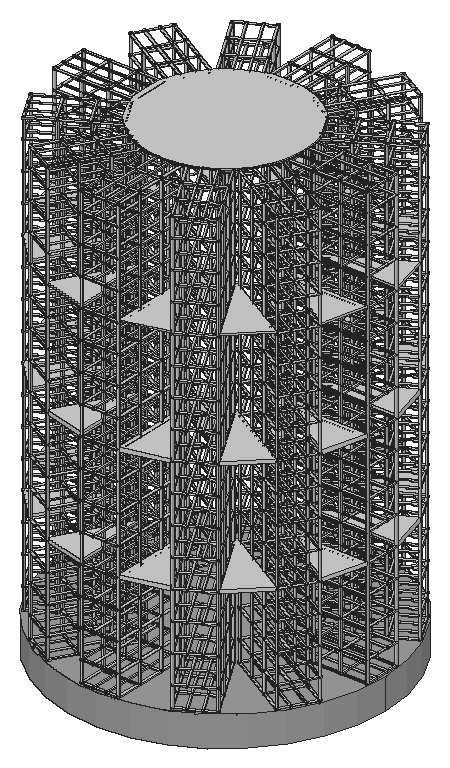
Revit family "WD", category Specialty Equipment, Revit 2012 (continued)
Forms (in)
  Extrusion 19, solid, material "Metal - Steel"
    sketch origin (0, 0, 0) x (1, 0, 0) y (0, 0, 1)
      loop
        circle (-2.37913, 25.61469) r 0.125
      loop
        circle (2.40436, 25.61469) r 0.125
      loop
        circle (-0.84564, 25.61469) r 0.125
      loop
        circle (0.87087, 21.86469) r 0.125
      loop
        circle (-2.37913, 21.86469) r 0.125
      loop
        circle (2.40436, 21.86469) r 0.125
      loop
        circle (-0.84564, 21.86469) r 0.125
      loop
        circle (0.87087, 18.11469) r 0.125
      loop
        circle (-2.37913, 18.11469) r 0.125
      loop
        circle (2.40436, 18.11469) r 0.125
      loop
        circle (-0.84564, 18.11469) r 0.125
      loop
        circle (0.87087, 14.36469) r 0.125
      loop
        circle (-2.37913, 14.36469) r 0.125
      loop
        circle (2.40436, 14.36469) r 0.125
      loop
        circle (-0.84564, 14.36469) r 0.125
      loop
        circle (0.87087, 10.61469) r 0.125
      loop
        circle (-2.37913, 10.61469) r 0.125
      loop
        circle (2.40436, 10.61469) r 0.125
      loop
        circle (-0.84564, 10.61469) r 0.125
      loop
        circle (0.87087, 6.86469) r 0.125
      loop
        circle (-2.37913, 6.86469) r 0.125
      loop
        circle (2.40436, 6.86469) r 0.125
      loop
        circle (-0.84564, 6.86469) r 0.125
      loop
        circle (0.87087, 4.11469) r 0.125
      loop
        circle (-2.37913, 4.11469) r 0.125
      loop
        circle (2.40436, 4.11469) r 0.125
      loop
        circle (-0.84564, 4.11469) r 0.125
    from 9.96511 to 20.63382
  Extrusion 20, solid, material "Metal - Steel"
    sketch origin (0, 0, 0) x (-0.5, -0.866025, 0) y (0, 0, -1)
      loop
        circle (0.85825, -61.875) r 0.125
      loop
        circle (-2.39175, -61.875) r 0.125
      loop
        circle (2.39175, -61.875) r 0.125
      loop
        circle (-0.85825, -61.875) r 0.125
      loop
        circle (0.87087, -59.36469) r 0.125
      loop
        circle (-2.37913, -59.36469) r 0.125
      loop
        circle (2.40436, -59.36469) r 0.125
      loop
        circle (-0.84564, -59.36469) r 0.125
      loop
        circle (0.87087, -55.61469) r 0.125
      loop
        circle (-2.37913, -55.61469) r 0.125
      loop
        circle (2.40436, -55.61469) r 0.125
      loop
        circle (-0.84564, -55.61469) r 0.125
      loop
        circle (0.87087, -51.86469) r 0.125
      loop
        circle (-2.37913, -51.86469) r 0.125
      loop
        circle (2.40436, -51.86469) r 0.125
      loop
        circle (-0.84564, -51.86469) r 0.125
      loop
        circle (0.87087, -48.11469) r 0.125
      loop
        circle (-2.37913, -48.11469) r 0.125
      loop
        circle (2.40436, -48.11469) r 0.125
      loop
        circle (-0.84564, -48.11469) r 0.125
      loop
        circle (0.87087, -44.36469) r 0.125
      loop
        circle (-2.37913, -44.36469) r 0.125
      loop
        circle (2.40436, -44.36469) r 0.125
      loop
        circle (-0.84564, -44.36469) r 0.125
      loop
        circle (0.87087, -40.61469) r 0.125
      loop
        circle (-2.37913, -40.61469) r 0.125
      loop
        circle (2.40436, -40.61469) r 0.125
      loop
        circle (-0.84564, -40.61469) r 0.125
      loop
        circle (0.87087, -36.86469) r 0.125
      loop
        circle (-2.37913, -36.86469) r 0.125
      loop
        circle (2.40436, -36.86469) r 0.125
      loop
        circle (-0.84564, -36.86469) r 0.125
      loop
        circle (0.87087, -33.11469) r 0.125
      loop
        circle (-2.37913, -33.11469) r 0.125
      loop
        circle (2.40436, -33.11469) r 0.125
      loop
        circle (-0.84564, -33.11469) r 0.125
      loop
        circle (0.87087, -29.36469) r 0.125
      loop
        circle (-2.37913, -29.36469) r 0.125
      loop
        circle (2.40436, -29.36469) r 0.125
      loop
        circle (-0.84564, -29.36469) r 0.125
      loop
        circle (0.87087, -25.61469) r 0.125
      loop
        circle (-2.37913, -25.61469) r 0.125
      loop
        circle (2.40436, -25.61469) r 0.125
      loop
        circle (-0.84564, -25.61469) r 0.125
      loop
        circle (0.87087, -21.86469) r 0.125
      loop
        circle (-2.37913, -21.86469) r 0.125
      loop
        circle (2.40436, -21.86469) r 0.125
      loop
        circle (-0.84564, -21.86469) r 0.125
      loop
        circle (0.87087, -18.11469) r 0.125
      loop
        circle (-2.37913, -18.11469) r 0.125
      loop
        circle (2.40436, -18.11469) r 0.125
      loop
        circle (-0.84564, -18.11469) r 0.125
      loop
        circle (0.87087, -14.36469) r 0.125
      loop
        circle (-2.37913, -14.36469) r 0.125
      loop
        circle (2.40436, -14.36469) r 0.125
      loop
        circle (-0.84564, -14.36469) r 0.125
      loop
        circle (0.87087, -10.61469) r 0.125
      loop
        circle (-2.37913, -10.61469) r 0.125
      loop
        circle (2.40436, -10.61469) r 0.125
      loop
        circle (-0.84564, -10.61469) r 0.125
      loop
        circle (0.87087, -6.86469) r 0.125
      loop
        circle (-2.37913, -6.86469) r 0.125
      loop
        circle (2.40436, -6.86469) r 0.125
      loop
        circle (-0.84564, -6.86469) r 0.125
      loop
        circle (0.87087, -4.11469) r 0.125
      loop
        circle (-2.37913, -4.11469) r 0.125
      loop
        circle (2.40436, -4.11469) r 0.125
      loop
        circle (-0.84564, -4.11469) r 0.125
    from 9.96511 to 20.63382
  Extrusion 21, solid, material "Metal - Steel"
    sketch origin (0, 0, 0) x (-0.5, 0.866025, 0) y (0, 0, 1)
      loop
        circle (0.85825, 61.875) r 0.125
      loop
        circle (-2.39175, 61.875) r 0.125
      loop
        circle (2.39175, 61.875) r 0.125
      loop
        circle (-0.85825, 61.875) r 0.125
      loop
        circle (0.87087, 59.36469) r 0.125
      loop
        circle (-2.37913, 59.36469) r 0.125
      loop
        circle (2.40436, 59.36469) r 0.125
      loop
        circle (-0.84564, 59.36469) r 0.125
      loop
        circle (0.87087, 55.61469) r 0.125
      loop
        circle (-2.37913, 55.61469) r 0.125
      loop
        circle (2.40436, 55.61469) r 0.125
      loop
        circle (-0.84564, 55.61469) r 0.125
      loop
        circle (0.87087, 51.86469) r 0.125
      loop
        circle (-2.37913, 51.86469) r 0.125
      loop
        circle (2.40436, 51.86469) r 0.125
      loop
        circle (-0.84564, 51.86469) r 0.125
      loop
        circle (0.87087, 48.11469) r 0.125
      loop
        circle (-2.37913, 48.11469) r 0.125
      loop
        circle (2.40436, 48.11469) r 0.125
      loop
        circle (-0.84564, 48.11469) r 0.125
      loop
        circle (0.87087, 44.36469) r 0.125
      loop
        circle (-2.37913, 44.36469) r 0.125
      loop
        circle (2.40436, 44.36469) r 0.125
      loop
        circle (-0.84564, 44.36469) r 0.125
      loop
        circle (0.87087, 40.61469) r 0.125
      loop
        circle (-2.37913, 40.61469) r 0.125
      loop
        circle (2.40436, 40.61469) r 0.125
      loop
        circle (-0.84564, 40.61469) r 0.125
      loop
        circle (0.87087, 36.86469) r 0.125
      loop
        circle (-2.37913, 36.86469) r 0.125
      loop
        circle (2.40436, 36.86469) r 0.125
      loop
        circle (-0.84564, 36.86469) r 0.125
      loop
        circle (0.87087, 33.11469) r 0.125
      loop
        circle (-2.37913, 33.11469) r 0.125
      loop
        circle (2.40436, 33.11469) r 0.125
      loop
        circle (-0.84564, 33.11469) r 0.125
      loop
        circle (0.87087, 29.36469) r 0.125
      loop
        circle (-2.37913, 29.36469) r 0.125
      loop
        circle (2.40436, 29.36469) r 0.125
      loop
        circle (-0.84564, 29.36469) r 0.125
      loop
        circle (0.87087, 25.61469) r 0.125
      loop
        circle (-2.37913, 25.61469) r 0.125
      loop
        circle (2.40436, 25.61469) r 0.125
      loop
        circle (-0.84564, 25.61469) r 0.125
      loop
        circle (0.87087, 21.86469) r 0.125
      loop
        circle (-2.37913, 21.86469) r 0.125
      loop
        circle (2.40436, 21.86469) r 0.125
      loop
        circle (-0.84564, 21.86469) r 0.125
      loop
        circle (0.87087, 18.11469) r 0.125
      loop
        circle (-2.37913, 18.11469) r 0.125
      loop
        circle (2.40436, 18.11469) r 0.125
      loop
        circle (-0.84564, 18.11469) r 0.125
      loop
        circle (0.87087, 14.36469) r 0.125
      loop
        circle (-2.37913, 14.36469) r 0.125
      loop
        circle (2.40436, 14.36469) r 0.125
      loop
        circle (-0.84564, 14.36469) r 0.125
      loop
        circle (0.87087, 10.61469) r 0.125
      loop
        circle (-2.37913, 10.61469) r 0.125
      loop
        circle (2.40436, 10.61469) r 0.125
      loop
        circle (-0.84564, 10.61469) r 0.125
      loop
        circle (0.87087, 6.86469) r 0.125
      loop
        circle (-2.37913, 6.86469) r 0.125
      loop
        circle (2.40436, 6.86469) r 0.125
      loop
        circle (-0.84564, 6.86469) r 0.125
      loop
        circle (0.87087, 4.11469) r 0.125
      loop
        circle (-2.37913, 4.11469) r 0.125
      loop
        circle (2.40436, 4.11469) r 0.125
      loop
        circle (-0.84564, 4.11469) r 0.125
    from 9.96511 to 20.63382
  Extrusion 22, solid, material "Metal - Steel"
    sketch origin (0, 0, 0) x (1, 0, 0) y (0, 0, -1)
      loop
        circle (0.85825, -61.875) r 0.125
      loop
        circle (-2.39175, -61.875) r 0.125
      loop
        circle (2.39175, -61.875) r 0.125
      loop
        circle (-0.85825, -61.875) r 0.125
      loop
        circle (0.87087, -59.36469) r 0.125
      loop
        circle (-2.37913, -59.36469) r 0.125
      loop
        circle (2.40436, -59.36469) r 0.125
      loop
        circle (-0.84564, -59.36469) r 0.125
      loop
        circle (0.87087, -55.61469) r 0.125
      loop
        circle (-2.37913, -55.61469) r 0.125
      loop
        circle (2.40436, -55.61469) r 0.125
      loop
        circle (-0.84564, -55.61469) r 0.125
      loop
        circle (0.87087, -51.86469) r 0.125
      loop
        circle (-2.37913, -51.86469) r 0.125
      loop
        circle (2.40436, -51.86469) r 0.125
      loop
        circle (-0.84564, -51.86469) r 0.125
      loop
        circle (0.87087, -48.11469) r 0.125
      loop
        circle (-2.37913, -48.11469) r 0.125
      loop
        circle (2.40436, -48.11469) r 0.125
      loop
        circle (-0.84564, -48.11469) r 0.125
      loop
        circle (0.87087, -44.36469) r 0.125
      loop
        circle (-2.37913, -44.36469) r 0.125
      loop
        circle (2.40436, -44.36469) r 0.125
      loop
        circle (-0.84564, -44.36469) r 0.125
      loop
        circle (0.87087, -40.61469) r 0.125
      loop
        circle (-2.37913, -40.61469) r 0.125
      loop
        circle (2.40436, -40.61469) r 0.125
      loop
        circle (-0.84564, -40.61469) r 0.125
      loop
        circle (0.87087, -36.86469) r 0.125
      loop
        circle (-2.37913, -36.86469) r 0.125
      loop
        circle (2.40436, -36.86469) r 0.125
      loop
        circle (-0.84564, -36.86469) r 0.125
      loop
        circle (0.87087, -33.11469) r 0.125
      loop
        circle (-2.37913, -33.11469) r 0.125
      loop
        circle (2.40436, -33.11469) r 0.125
      loop
        circle (-0.84564, -33.11469) r 0.125
      loop
        circle (0.87087, -29.36469) r 0.125
      loop
        circle (-2.37913, -29.36469) r 0.125
      loop
        circle (2.40436, -29.36469) r 0.125
      loop
        circle (-0.84564, -29.36469) r 0.125
      loop
        circle (0.87087, -25.61469) r 0.125
      loop
        circle (-2.37913, -25.61469) r 0.125
      loop
        circle (2.40436, -25.61469) r 0.125
      loop
        circle (-0.84564, -25.61469) r 0.125
      loop
        circle (0.87087, -21.86469) r 0.125
      loop
        circle (-2.37913, -21.86469) r 0.125
      loop
        circle (2.40436, -21.86469) r 0.125
      loop
        circle (-0.84564, -21.86469) r 0.125
      loop
        circle (0.87087, -18.11469) r 0.125
      loop
        circle (-2.37913, -18.11469) r 0.125
      loop
        circle (2.40436, -18.11469) r 0.125
      loop
        circle (-0.84564, -18.11469) r 0.125
      loop
        circle (0.87087, -14.36469) r 0.125
      loop
        circle (-2.37913, -14.36469) r 0.125
      loop
        circle (2.40436, -14.36469) r 0.125
      loop
        circle (-0.84564, -14.36469) r 0.125
      loop
        circle (0.87087, -10.61469) r 0.125
      loop
        circle (-2.37913, -10.61469) r 0.125
      loop
        circle (2.40436, -10.61469) r 0.125
      loop
        circle (-0.84564, -10.61469) r 0.125
      loop
        circle (0.87087, -6.86469) r 0.125
      loop
        circle (-2.37913, -6.86469) r 0.125
      loop
        circle (2.40436, -6.86469) r 0.125
      loop
        circle (-0.84564, -6.86469) r 0.125
      loop
        circle (0.87087, -4.11469) r 0.125
      loop
        circle (-2.37913, -4.11469) r 0.125
      loop
        circle (2.40436, -4.11469) r 0.125
      loop
        circle (-0.84564, -4.11469) r 0.125
    from 9.96511 to 20.63382
  Extrusion 23, solid, material "Metal - Steel"
    sketch origin (0, 0, 0) x (-0.5, -0.866025, 0) y (0, 0, 1)
      loop
        circle (0.85825, 61.875) r 0.125
      loop
        circle (-2.39175, 61.875) r 0.125
      loop
        circle (2.39175, 61.875) r 0.125
      loop
        circle (-0.85825, 61.875) r 0.125
      loop
        circle (0.87087, 59.36469) r 0.125
      loop
        circle (-2.37913, 59.36469) r 0.125
      loop
        circle (2.40436, 59.36469) r 0.125
      loop
        circle (-0.84564, 59.36469) r 0.125
      loop
        circle (0.87087, 55.61469) r 0.125
      loop
        circle (-2.37913, 55.61469) r 0.125
      loop
        circle (2.40436, 55.61469) r 0.125
      loop
        circle (-0.84564, 55.61469) r 0.125
      loop
        circle (0.87087, 51.86469) r 0.125
      loop
        circle (-2.37913, 51.86469) r 0.125
      loop
        circle (2.40436, 51.86469) r 0.125
      loop
        circle (-0.84564, 51.86469) r 0.125
      loop
        circle (0.87087, 48.11469) r 0.125
      loop
        circle (-2.37913, 48.11469) r 0.125
      loop
        circle (2.40436, 48.11469) r 0.125
      loop
        circle (-0.84564, 48.11469) r 0.125
      loop
        circle (0.87087, 44.36469) r 0.125
      loop
        circle (-2.37913, 44.36469) r 0.125
      loop
        circle (2.40436, 44.36469) r 0.125
      loop
        circle (-0.84564, 44.36469) r 0.125
      loop
        circle (0.87087, 40.61469) r 0.125
      loop
        circle (-2.37913, 40.61469) r 0.125
      loop
        circle (2.40436, 40.61469) r 0.125
      loop
        circle (-0.84564, 40.61469) r 0.125
      loop
        circle (0.87087, 36.86469) r 0.125
      loop
        circle (-2.37913, 36.86469) r 0.125
      loop
        circle (2.40436, 36.86469) r 0.125
      loop
        circle (-0.84564, 36.86469) r 0.125
      loop
        circle (0.87087, 33.11469) r 0.125
      loop
        circle (-2.37913, 33.11469) r 0.125
      loop
        circle (2.40436, 33.11469) r 0.125
      loop
        circle (-0.84564, 33.11469) r 0.125
      loop
        circle (0.87087, 29.36469) r 0.125
      loop
        circle (-2.37913, 29.36469) r 0.125
      loop
        circle (2.40436, 29.36469) r 0.125
      loop
        circle (-0.84564, 29.36469) r 0.125
      loop
        circle (0.87087, 25.61469) r 0.125
      loop
        circle (-2.37913, 25.61469) r 0.125
      loop
        circle (2.40436, 25.61469) r 0.125
      loop
        circle (-0.84564, 25.61469) r 0.125
      loop
        circle (0.87087, 21.86469) r 0.125
      loop
        circle (-2.37913, 21.86469) r 0.125
      loop
        circle (2.40436, 21.86469) r 0.125
      loop
        circle (-0.84564, 21.86469) r 0.125
      loop
        circle (0.87087, 18.11469) r 0.125
      loop
        circle (-2.37913, 18.11469) r 0.125
      loop
        circle (2.40436, 18.11469) r 0.125
      loop
        circle (-0.84564, 18.11469) r 0.125
      loop
        circle (0.87087, 14.36469) r 0.125
      loop
        circle (-2.37913, 14.36469) r 0.125
      loop
        circle (2.40436, 14.36469) r 0.125
      loop
        circle (-0.84564, 14.36469) r 0.125
      loop
        circle (0.87087, 10.61469) r 0.125
      loop
        circle (-2.37913, 10.61469) r 0.125
      loop
        circle (2.40436, 10.61469) r 0.125
      loop
        circle (-0.84564, 10.61469) r 0.125
      loop
        circle (0.87087, 6.86469) r 0.125
      loop
        circle (-2.37913, 6.86469) r 0.125
      loop
        circle (2.40436, 6.86469) r 0.125
      loop
        circle (-0.84564, 6.86469) r 0.125
      loop
        circle (0.87087, 4.11469) r 0.125
      loop
        circle (-2.37913, 4.11469) r 0.125
      loop
        circle (2.40436, 4.11469) r 0.125
      loop
        circle (-0.84564, 4.11469) r 0.125
    from 9.96511 to 20.63382
  Extrusion 24, solid, material "Metal - Steel"
    sketch origin (0, 0, 0) x (-0.5, 0.866025, 0) y (0, 0, -1)
      loop
        circle (0.85825, -61.875) r 0.125
      loop
        circle (-2.39175, -61.875) r 0.125
      loop
        circle (2.39175, -61.875) r 0.125
      loop
        circle (-0.85825, -61.875) r 0.125
      loop
        circle (0.87087, -59.36469) r 0.125
      loop
        circle (-2.37913, -59.36469) r 0.125
      loop
        circle (2.40436, -59.36469) r 0.125
      loop
        circle (-0.84564, -59.36469) r 0.125
      loop
        circle (0.87087, -55.61469) r 0.125
      loop
        circle (-2.37913, -55.61469) r 0.125
      loop
        circle (2.40436, -55.61469) r 0.125
      loop
        circle (-0.84564, -55.61469) r 0.125
      loop
        circle (0.87087, -51.86469) r 0.125
      loop
        circle (-2.37913, -51.86469) r 0.125
      loop
        circle (2.40436, -51.86469) r 0.125
      loop
        circle (-0.84564, -51.86469) r 0.125
      loop
        circle (0.87087, -48.11469) r 0.125
      loop
        circle (-2.37913, -48.11469) r 0.125
      loop
        circle (2.40436, -48.11469) r 0.125
      loop
        circle (-0.84564, -48.11469) r 0.125
      loop
        circle (0.87087, -44.36469) r 0.125
      loop
        circle (-2.37913, -44.36469) r 0.125
      loop
        circle (2.40436, -44.36469) r 0.125
      loop
        circle (-0.84564, -44.36469) r 0.125
      loop
        circle (0.87087, -40.61469) r 0.125
      loop
        circle (-2.37913, -40.61469) r 0.125
      loop
        circle (2.40436, -40.61469) r 0.125
      loop
        circle (-0.84564, -40.61469) r 0.125
      loop
        circle (0.87087, -36.86469) r 0.125
      loop
        circle (-2.37913, -36.86469) r 0.125
      loop
        circle (2.40436, -36.86469) r 0.125
      loop
        circle (-0.84564, -36.86469) r 0.125
      loop
        circle (0.87087, -33.11469) r 0.125
      loop
        circle (-2.37913, -33.11469) r 0.125
      loop
        circle (2.40436, -33.11469) r 0.125
      loop
        circle (-0.84564, -33.11469) r 0.125
      loop
        circle (0.87087, -29.36469) r 0.125
      loop
        circle (-2.37913, -29.36469) r 0.125
      loop
        circle (2.40436, -29.36469) r 0.125
      loop
        circle (-0.84564, -29.36469) r 0.125
      loop
        circle (0.87087, -25.61469) r 0.125
      loop
        circle (-2.37913, -25.61469) r 0.125
      loop
        circle (2.40436, -25.61469) r 0.125
      loop
        circle (-0.84564, -25.61469) r 0.125
      loop
        circle (0.87087, -21.86469) r 0.125
      loop
        circle (-2.37913, -21.86469) r 0.125
      loop
        circle (2.40436, -21.86469) r 0.125
      loop
        circle (-0.84564, -21.86469) r 0.125
      loop
        circle (0.87087, -18.11469) r 0.125
      loop
        circle (-2.37913, -18.11469) r 0.125
      loop
        circle (2.40436, -18.11469) r 0.125
      loop
        circle (-0.84564, -18.11469) r 0.125
      loop
        circle (0.87087, -14.36469) r 0.125
      loop
        circle (-2.37913, -14.36469) r 0.125
      loop
        circle (2.40436, -14.36469) r 0.125
      loop
        circle (-0.84564, -14.36469) r 0.125
      loop
        circle (0.87087, -10.61469) r 0.125
      loop
        circle (-2.37913, -10.61469) r 0.125
      loop
        circle (2.40436, -10.61469) r 0.125
      loop
        circle (-0.84564, -10.61469) r 0.125
      loop
        circle (0.87087, -6.86469) r 0.125
      loop
        circle (-2.37913, -6.86469) r 0.125
      loop
        circle (2.40436, -6.86469) r 0.125
      loop
        circle (-0.84564, -6.86469) r 0.125
      loop
        circle (0.87087, -4.11469) r 0.125
      loop
        circle (-2.37913, -4.11469) r 0.125
      loop
        circle (2.40436, -4.11469) r 0.125
      loop
        circle (-0.84564, -4.11469) r 0.125
    from 9.96511 to 20.63382
  Extrusion 25, solid, material "Metal - Steel"
    sketch origin (0.03294, -0.00167, 0) x (-0.866025, 0.5, 0) y (0, 0, -1)
      loop
        circle (0.85825, -61.875) r 0.125
      loop
        circle (-2.39175, -61.875) r 0.125
      loop
        circle (2.39175, -61.875) r 0.125
      loop
        circle (-0.85825, -61.875) r 0.125
      loop
        circle (0.87087, -59.36469) r 0.125
      loop
        circle (-2.37913, -59.36469) r 0.125
      loop
        circle (2.40436, -59.36469) r 0.125
      loop
        circle (-0.84564, -59.36469) r 0.125
      loop
        circle (0.87087, -55.61469) r 0.125
      loop
        circle (-2.37913, -55.61469) r 0.125
      loop
        circle (2.40436, -55.61469) r 0.125
      loop
        circle (-0.84564, -55.61469) r 0.125
      loop
        circle (0.87087, -51.86469) r 0.125
      loop
        circle (-2.37913, -51.86469) r 0.125
      loop
        circle (2.40436, -51.86469) r 0.125
      loop
        circle (-0.84564, -51.86469) r 0.125
      loop
        circle (0.87087, -48.11469) r 0.125
      loop
        circle (-2.37913, -48.11469) r 0.125
      loop
        circle (2.40436, -48.11469) r 0.125
      loop
        circle (-0.84564, -48.11469) r 0.125
      loop
        circle (0.87087, -44.36469) r 0.125
      loop
        circle (-2.37913, -44.36469) r 0.125
      loop
        circle (2.40436, -44.36469) r 0.125
      loop
        circle (-0.84564, -44.36469) r 0.125
      loop
        circle (0.87087, -40.61469) r 0.125
      loop
        circle (-2.37913, -40.61469) r 0.125
      loop
        circle (2.40436, -40.61469) r 0.125
      loop
        circle (-0.84564, -40.61469) r 0.125
      loop
        circle (0.87087, -36.86469) r 0.125
      loop
        circle (-2.37913, -36.86469) r 0.125
      loop
        circle (2.40436, -36.86469) r 0.125
      loop
        circle (-0.84564, -36.86469) r 0.125
      loop
        circle (0.87087, -33.11469) r 0.125
      loop
        circle (-2.37913, -33.11469) r 0.125
      loop
        circle (2.40436, -33.11469) r 0.125
      loop
        circle (-0.84564, -33.11469) r 0.125
      loop
        circle (0.87087, -29.36469) r 0.125
      loop
        circle (-2.37913, -29.36469) r 0.125
      loop
        circle (2.40436, -29.36469) r 0.125
      loop
        circle (-0.84564, -29.36469) r 0.125
      loop
        circle (0.87087, -25.61469) r 0.125
      loop
        circle (-2.37913, -25.61469) r 0.125
      loop
        circle (2.40436, -25.61469) r 0.125
      loop
        circle (-0.84564, -25.61469) r 0.125
      loop
        circle (0.87087, -21.86469) r 0.125
      loop
        circle (-2.37913, -21.86469) r 0.125
      loop
        circle (2.40436, -21.86469) r 0.125
      loop
        circle (-0.84564, -21.86469) r 0.125
      loop
        circle (0.87087, -18.11469) r 0.125
      loop
        circle (-2.37913, -18.11469) r 0.125
      loop
        circle (2.40436, -18.11469) r 0.125
      loop
        circle (-0.84564, -18.11469) r 0.125
      loop
        circle (0.87087, -14.36469) r 0.125
      loop
        circle (-2.37913, -14.36469) r 0.125
      loop
        circle (2.40436, -14.36469) r 0.125
      loop
        circle (-0.84564, -14.36469) r 0.125
      loop
        circle (0.87087, -10.61469) r 0.125
      loop
        circle (-2.37913, -10.61469) r 0.125
      loop
        circle (2.40436, -10.61469) r 0.125
      loop
        circle (-0.84564, -10.61469) r 0.125
      loop
        circle (0.87087, -6.86469) r 0.125
      loop
        circle (-2.37913, -6.86469) r 0.125
      loop
        circle (2.40436, -6.86469) r 0.125
      loop
        circle (-0.84564, -6.86469) r 0.125
      loop
        circle (0.87087, -4.11469) r 0.125
      loop
        circle (-2.37913, -4.11469) r 0.125
      loop
        circle (2.40436, -4.11469) r 0.125
      loop
        circle (-0.84564, -4.11469) r 0.125
    from 9.96511 to 20.63382
  Extrusion 26, solid, material "Metal - Steel"
    sketch origin (-0.03294, -0.00167, 0) x (0.866025, 0.5, 0) y (0, 0, 1)
      loop
        circle (0.85825, 61.875) r 0.125
      loop
        circle (-2.39175, 61.875) r 0.125
      loop
        circle (2.39175, 61.875) r 0.125
      loop
        circle (-0.85825, 61.875) r 0.125
      loop
        circle (0.87087, 59.36469) r 0.125
      loop
        circle (-2.37913, 59.36469) r 0.125
      loop
        circle (2.40436, 59.36469) r 0.125
      loop
        circle (-0.84564, 59.36469) r 0.125
      loop
        circle (0.87087, 55.61469) r 0.125
      loop
        circle (-2.37913, 55.61469) r 0.125
      loop
        circle (2.40436, 55.61469) r 0.125
      loop
        circle (-0.84564, 55.61469) r 0.125
      loop
        circle (0.87087, 51.86469) r 0.125
      loop
        circle (-2.37913, 51.86469) r 0.125
      loop
        circle (2.40436, 51.86469) r 0.125
      loop
        circle (-0.84564, 51.86469) r 0.125
      loop
        circle (0.87087, 48.11469) r 0.125
      loop
        circle (-2.37913, 48.11469) r 0.125
      loop
        circle (2.40436, 48.11469) r 0.125
      loop
        circle (-0.84564, 48.11469) r 0.125
      loop
        circle (0.87087, 44.36469) r 0.125
      loop
        circle (-2.37913, 44.36469) r 0.125
      loop
        circle (2.40436, 44.36469) r 0.125
      loop
        circle (-0.84564, 44.36469) r 0.125
      loop
        circle (0.87087, 40.61469) r 0.125
      loop
        circle (-2.37913, 40.61469) r 0.125
      loop
        circle (2.40436, 40.61469) r 0.125
      loop
        circle (-0.84564, 40.61469) r 0.125
      loop
        circle (0.87087, 36.86469) r 0.125
      loop
        circle (-2.37913, 36.86469) r 0.125
      loop
        circle (2.40436, 36.86469) r 0.125
      loop
        circle (-0.84564, 36.86469) r 0.125
      loop
        circle (0.87087, 33.11469) r 0.125
      loop
        circle (-2.37913, 33.11469) r 0.125
      loop
        circle (2.40436, 33.11469) r 0.125
      loop
        circle (-0.84564, 33.11469) r 0.125
      loop
        circle (0.87087, 29.36469) r 0.125
      loop
        circle (-2.37913, 29.36469) r 0.125
      loop
        circle (2.40436, 29.36469) r 0.125
      loop
        circle (-0.84564, 29.36469) r 0.125
      loop
        circle (0.87087, 25.61469) r 0.125
      loop
        circle (-2.37913, 25.61469) r 0.125
      loop
        circle (2.40436, 25.61469) r 0.125
      loop
        circle (-0.84564, 25.61469) r 0.125
      loop
        circle (0.87087, 21.86469) r 0.125
      loop
        circle (-2.37913, 21.86469) r 0.125
      loop
        circle (2.40436, 21.86469) r 0.125
      loop
        circle (-0.84564, 21.86469) r 0.125
      loop
        circle (0.87087, 18.11469) r 0.125
      loop
        circle (-2.37913, 18.11469) r 0.125
      loop
        circle (2.40436, 18.11469) r 0.125
      loop
        circle (-0.84564, 18.11469) r 0.125
      loop
        circle (0.87087, 14.36469) r 0.125
      loop
        circle (-2.37913, 14.36469) r 0.125
      loop
        circle (2.40436, 14.36469) r 0.125
      loop
        circle (-0.84564, 14.36469) r 0.125
      loop
        circle (0.87087, 10.61469) r 0.125
      loop
        circle (-2.37913, 10.61469) r 0.125
      loop
        circle (2.40436, 10.61469) r 0.125
      loop
        circle (-0.84564, 10.61469) r 0.125
      loop
        circle (0.87087, 6.86469) r 0.125
      loop
        circle (-2.37913, 6.86469) r 0.125
      loop
        circle (2.40436, 6.86469) r 0.125
      loop
        circle (-0.84564, 6.86469) r 0.125
      loop
        circle (0.87087, 4.11469) r 0.125
      loop
        circle (-2.37913, 4.11469) r 0.125
      loop
        circle (2.40436, 4.11469) r 0.125
      loop
        circle (-0.84564, 4.11469) r 0.125
    from 9.96511 to 20.63382
  Extrusion 27, solid, material "Metal - Steel"
    sketch origin (-0.01502, 0.02936, 0) x (0, -1, 0) y (0, 0, -1)
      loop
        circle (0.85825, -61.875) r 0.125
      loop
        circle (-2.39175, -61.875) r 0.125
      loop
        circle (2.39175, -61.875) r 0.125
      loop
        circle (-0.85825, -61.875) r 0.125
      loop
        circle (0.87087, -59.36469) r 0.125
      loop
        circle (-2.37913, -59.36469) r 0.125
      loop
        circle (2.40436, -59.36469) r 0.125
      loop
        circle (-0.84564, -59.36469) r 0.125
      loop
        circle (0.87087, -55.61469) r 0.125
      loop
        circle (-2.37913, -55.61469) r 0.125
      loop
        circle (2.40436, -55.61469) r 0.125
      loop
        circle (-0.84564, -55.61469) r 0.125
      loop
        circle (0.87087, -51.86469) r 0.125
      loop
        circle (-2.37913, -51.86469) r 0.125
      loop
        circle (2.40436, -51.86469) r 0.125
      loop
        circle (-0.84564, -51.86469) r 0.125
      loop
        circle (0.87087, -48.11469) r 0.125
      loop
        circle (-2.37913, -48.11469) r 0.125
      loop
        circle (2.40436, -48.11469) r 0.125
      loop
        circle (-0.84564, -48.11469) r 0.125
      loop
        circle (0.87087, -44.36469) r 0.125
      loop
        circle (-2.37913, -44.36469) r 0.125
      loop
        circle (2.40436, -44.36469) r 0.125
      loop
        circle (-0.84564, -44.36469) r 0.125
      loop
        circle (0.87087, -40.61469) r 0.125
      loop
        circle (-2.37913, -40.61469) r 0.125
      loop
        circle (2.40436, -40.61469) r 0.125
      loop
        circle (-0.84564, -40.61469) r 0.125
      loop
        circle (0.87087, -36.86469) r 0.125
      loop
        circle (-2.37913, -36.86469) r 0.125
      loop
        circle (2.40436, -36.86469) r 0.125
      loop
        circle (-0.84564, -36.86469) r 0.125
      loop
        circle (0.87087, -33.11469) r 0.125
      loop
        circle (-2.37913, -33.11469) r 0.125
      loop
        circle (2.40436, -33.11469) r 0.125
      loop
        circle (-0.84564, -33.11469) r 0.125
      loop
        circle (0.87087, -29.36469) r 0.125
      loop
        circle (-2.37913, -29.36469) r 0.125
      loop
        circle (2.40436, -29.36469) r 0.125
      loop
        circle (-0.84564, -29.36469) r 0.125
      loop
        circle (0.87087, -25.61469) r 0.125
      loop
        circle (-2.37913, -25.61469) r 0.125
      loop
        circle (2.40436, -25.61469) r 0.125
      loop
        circle (-0.84564, -25.61469) r 0.125
      loop
        circle (0.87087, -21.86469) r 0.125
      loop
        circle (-2.37913, -21.86469) r 0.125
      loop
        circle (2.40436, -21.86469) r 0.125
      loop
        circle (-0.84564, -21.86469) r 0.125
      loop
        circle (0.87087, -18.11469) r 0.125
      loop
        circle (-2.37913, -18.11469) r 0.125
      loop
        circle (2.40436, -18.11469) r 0.125
      loop
        circle (-0.84564, -18.11469) r 0.125
      loop
        circle (0.87087, -14.36469) r 0.125
      loop
        circle (-2.37913, -14.36469) r 0.125
      loop
        circle (2.40436, -14.36469) r 0.125
      loop
        circle (-0.84564, -14.36469) r 0.125
      loop
        circle (0.87087, -10.61469) r 0.125
      loop
        circle (-2.37913, -10.61469) r 0.125
      loop
        circle (2.40436, -10.61469) r 0.125
      loop
        circle (-0.84564, -10.61469) r 0.125
      loop
        circle (0.87087, -6.86469) r 0.125
      loop
        circle (-2.37913, -6.86469) r 0.125
      loop
        circle (2.40436, -6.86469) r 0.125
      loop
        circle (-0.84564, -6.86469) r 0.125
      loop
        circle (0.87087, -4.11469) r 0.125
      loop
        circle (-2.37913, -4.11469) r 0.125
      loop
        circle (2.40436, -4.11469) r 0.125
      loop
        circle (-0.84564, -4.11469) r 0.125
    from 9.96511 to 20.63382
  Extrusion 28, solid, material "Metal - Steel"
    sketch origin (0.01792, -0.02769, 0) x (-0.866025, 0.5, 0) y (0, 0, 1)
      loop
        circle (0.85825, 61.875) r 0.125
      loop
        circle (-2.39175, 61.875) r 0.125
      loop
        circle (2.39175, 61.875) r 0.125
      loop
        circle (-0.85825, 61.875) r 0.125
      loop
        circle (0.87087, 59.36469) r 0.125
      loop
        circle (-2.37913, 59.36469) r 0.125
      loop
        circle (2.40436, 59.36469) r 0.125
      loop
        circle (-0.84564, 59.36469) r 0.125
      loop
        circle (0.87087, 55.61469) r 0.125
      loop
        circle (-2.37913, 55.61469) r 0.125
      loop
        circle (2.40436, 55.61469) r 0.125
      loop
        circle (-0.84564, 55.61469) r 0.125
      loop
        circle (0.87087, 51.86469) r 0.125
      loop
        circle (-2.37913, 51.86469) r 0.125
      loop
        circle (2.40436, 51.86469) r 0.125
      loop
        circle (-0.84564, 51.86469) r 0.125
      loop
        circle (0.87087, 48.11469) r 0.125
      loop
        circle (-2.37913, 48.11469) r 0.125
      loop
        circle (2.40436, 48.11469) r 0.125
      loop
        circle (-0.84564, 48.11469) r 0.125
      loop
        circle (0.87087, 44.36469) r 0.125
      loop
        circle (-2.37913, 44.36469) r 0.125
      loop
        circle (2.40436, 44.36469) r 0.125
      loop
        circle (-0.84564, 44.36469) r 0.125
      loop
        circle (0.87087, 40.61469) r 0.125
      loop
        circle (-2.37913, 40.61469) r 0.125
      loop
        circle (2.40436, 40.61469) r 0.125
      loop
        circle (-0.84564, 40.61469) r 0.125
      loop
        circle (0.87087, 36.86469) r 0.125
      loop
        circle (-2.37913, 36.86469) r 0.125
      loop
        circle (2.40436, 36.86469) r 0.125
      loop
        circle (-0.84564, 36.86469) r 0.125
      loop
        circle (0.87087, 33.11469) r 0.125
      loop
        circle (-2.37913, 33.11469) r 0.125
      loop
        circle (2.40436, 33.11469) r 0.125
      loop
        circle (-0.84564, 33.11469) r 0.125
      loop
        circle (0.87087, 29.36469) r 0.125
      loop
        circle (-2.37913, 29.36469) r 0.125
      loop
        circle (2.40436, 29.36469) r 0.125
      loop
        circle (-0.84564, 29.36469) r 0.125
      loop
        circle (0.87087, 25.61469) r 0.125
      loop
        circle (-2.37913, 25.61469) r 0.125
      loop
        circle (2.40436, 25.61469) r 0.125
      loop
        circle (-0.84564, 25.61469) r 0.125
      loop
        circle (0.87087, 21.86469) r 0.125
      loop
        circle (-2.37913, 21.86469) r 0.125
      loop
        circle (2.40436, 21.86469) r 0.125
      loop
        circle (-0.84564, 21.86469) r 0.125
      loop
        circle (0.87087, 18.11469) r 0.125
      loop
        circle (-2.37913, 18.11469) r 0.125
      loop
        circle (2.40436, 18.11469) r 0.125
      loop
        circle (-0.84564, 18.11469) r 0.125
      loop
        circle (0.87087, 14.36469) r 0.125
      loop
        circle (-2.37913, 14.36469) r 0.125
      loop
        circle (2.40436, 14.36469) r 0.125
      loop
        circle (-0.84564, 14.36469) r 0.125
      loop
        circle (0.87087, 10.61469) r 0.125
      loop
        circle (-2.37913, 10.61469) r 0.125
      loop
        circle (2.40436, 10.61469) r 0.125
      loop
        circle (-0.84564, 10.61469) r 0.125
      loop
        circle (0.87087, 6.86469) r 0.125
      loop
        circle (-2.37913, 6.86469) r 0.125
      loop
        circle (2.40436, 6.86469) r 0.125
      loop
        circle (-0.84564, 6.86469) r 0.125
      loop
        circle (0.87087, 4.11469) r 0.125
      loop
        circle (-2.37913, 4.11469) r 0.125
      loop
        circle (2.40436, 4.11469) r 0.125
      loop
        circle (-0.84564, 4.11469) r 0.125
    from 9.96511 to 20.63382
  Extrusion 29, solid, material "Metal - Steel"
    sketch origin (-0.01792, -0.02769, 0) x (0.866025, 0.5, 0) y (0, 0, -1)
      loop
        circle (0.85825, -61.875) r 0.125
      loop
        circle (-2.39175, -61.875) r 0.125
      loop
        circle (2.39175, -61.875) r 0.125
      loop
        circle (-0.85825, -61.875) r 0.125
      loop
        circle (0.87087, -59.36469) r 0.125
      loop
        circle (-2.37913, -59.36469) r 0.125
      loop
        circle (2.40436, -59.36469) r 0.125
      loop
        circle (-0.84564, -59.36469) r 0.125
      loop
        circle (0.87087, -55.61469) r 0.125
      loop
        circle (-2.37913, -55.61469) r 0.125
      loop
        circle (2.40436, -55.61469) r 0.125
      loop
        circle (-0.84564, -55.61469) r 0.125
      loop
        circle (0.87087, -51.86469) r 0.125
      loop
        circle (-2.37913, -51.86469) r 0.125
      loop
        circle (2.40436, -51.86469) r 0.125
      loop
        circle (-0.84564, -51.86469) r 0.125
      loop
        circle (0.87087, -48.11469) r 0.125
      loop
        circle (-2.37913, -48.11469) r 0.125
      loop
        circle (2.40436, -48.11469) r 0.125
      loop
        circle (-0.84564, -48.11469) r 0.125
      loop
        circle (0.87087, -44.36469) r 0.125
      loop
        circle (-2.37913, -44.36469) r 0.125
      loop
        circle (2.40436, -44.36469) r 0.125
      loop
        circle (-0.84564, -44.36469) r 0.125
      loop
        circle (0.87087, -40.61469) r 0.125
      loop
        circle (-2.37913, -40.61469) r 0.125
      loop
        circle (2.40436, -40.61469) r 0.125
      loop
        circle (-0.84564, -40.61469) r 0.125
      loop
        circle (0.87087, -36.86469) r 0.125
      loop
        circle (-2.37913, -36.86469) r 0.125
      loop
        circle (2.40436, -36.86469) r 0.125
      loop
        circle (-0.84564, -36.86469) r 0.125
      loop
        circle (0.87087, -33.11469) r 0.125
      loop
        circle (-2.37913, -33.11469) r 0.125
      loop
        circle (2.40436, -33.11469) r 0.125
      loop
        circle (-0.84564, -33.11469) r 0.125
      loop
        circle (0.87087, -29.36469) r 0.125
      loop
        circle (-2.37913, -29.36469) r 0.125
      loop
        circle (2.40436, -29.36469) r 0.125
      loop
        circle (-0.84564, -29.36469) r 0.125
      loop
        circle (0.87087, -25.61469) r 0.125
      loop
        circle (-2.37913, -25.61469) r 0.125
      loop
        circle (2.40436, -25.61469) r 0.125
      loop
        circle (-0.84564, -25.61469) r 0.125
      loop
        circle (0.87087, -21.86469) r 0.125
      loop
        circle (-2.37913, -21.86469) r 0.125
      loop
        circle (2.40436, -21.86469) r 0.125
      loop
        circle (-0.84564, -21.86469) r 0.125
      loop
        circle (0.87087, -18.11469) r 0.125
      loop
        circle (-2.37913, -18.11469) r 0.125
      loop
        circle (2.40436, -18.11469) r 0.125
      loop
        circle (-0.84564, -18.11469) r 0.125
      loop
        circle (0.87087, -14.36469) r 0.125
      loop
        circle (-2.37913, -14.36469) r 0.125
      loop
        circle (2.40436, -14.36469) r 0.125
      loop
        circle (-0.84564, -14.36469) r 0.125
      loop
        circle (0.87087, -10.61469) r 0.125
      loop
        circle (-2.37913, -10.61469) r 0.125
      loop
        circle (2.40436, -10.61469) r 0.125
      loop
        circle (-0.84564, -10.61469) r 0.125
      loop
        circle (0.87087, -6.86469) r 0.125
      loop
        circle (-2.37913, -6.86469) r 0.125
      loop
        circle (2.40436, -6.86469) r 0.125
      loop
        circle (-0.84564, -6.86469) r 0.125
      loop
        circle (0.87087, -4.11469) r 0.125
      loop
        circle (-2.37913, -4.11469) r 0.125
      loop
        circle (2.40436, -4.11469) r 0.125
      loop
        circle (-0.84564, -4.11469) r 0.125
    from 9.96511 to 20.63382
  Extrusion 30, solid, material "Metal - Steel"
    sketch origin (0.01502, 0.02936, 0) x (0, -1, 0) y (0, 0, 1)
      loop
        circle (0.85825, 61.875) r 0.125
      loop
        circle (-2.39175, 61.875) r 0.125
      loop
        circle (2.39175, 61.875) r 0.125
      loop
        circle (-0.85825, 61.875) r 0.125
      loop
        circle (0.87087, 59.36469) r 0.125
      loop
        circle (-2.37913, 59.36469) r 0.125
      loop
        circle (2.40436, 59.36469) r 0.125
      loop
        circle (-0.84564, 59.36469) r 0.125
      loop
        circle (0.87087, 55.61469) r 0.125
      loop
        circle (-2.37913, 55.61469) r 0.125
      loop
        circle (2.40436, 55.61469) r 0.125
      loop
        circle (-0.84564, 55.61469) r 0.125
      loop
        circle (0.87087, 51.86469) r 0.125
      loop
        circle (-2.37913, 51.86469) r 0.125
      loop
        circle (2.40436, 51.86469) r 0.125
      loop
        circle (-0.84564, 51.86469) r 0.125
      loop
        circle (0.87087, 48.11469) r 0.125
      loop
        circle (-2.37913, 48.11469) r 0.125
      loop
        circle (2.40436, 48.11469) r 0.125
      loop
        circle (-0.84564, 48.11469) r 0.125
      loop
        circle (0.87087, 44.36469) r 0.125
      loop
        circle (-2.37913, 44.36469) r 0.125
      loop
        circle (2.40436, 44.36469) r 0.125
      loop
        circle (-0.84564, 44.36469) r 0.125
      loop
        circle (0.87087, 40.61469) r 0.125
      loop
        circle (-2.37913, 40.61469) r 0.125
      loop
        circle (2.40436, 40.61469) r 0.125
      loop
        circle (-0.84564, 40.61469) r 0.125
      loop
        circle (0.87087, 36.86469) r 0.125
      loop
        circle (-2.37913, 36.86469) r 0.125
      loop
        circle (2.40436, 36.86469) r 0.125
      loop
        circle (-0.84564, 36.86469) r 0.125
      loop
        circle (0.87087, 33.11469) r 0.125
      loop
        circle (-2.37913, 33.11469) r 0.125
      loop
        circle (2.40436, 33.11469) r 0.125
      loop
        circle (-0.84564, 33.11469) r 0.125
      loop
        circle (0.87087, 29.36469) r 0.125
      loop
        circle (-2.37913, 29.36469) r 0.125
      loop
        circle (2.40436, 29.36469) r 0.125
      loop
        circle (-0.84564, 29.36469) r 0.125
      loop
        circle (0.87087, 25.61469) r 0.125
      loop
        circle (-2.37913, 25.61469) r 0.125
      loop
        circle (2.40436, 25.61469) r 0.125
      loop
        circle (-0.84564, 25.61469) r 0.125
      loop
        circle (0.87087, 21.86469) r 0.125
      loop
        circle (-2.37913, 21.86469) r 0.125
      loop
        circle (2.40436, 21.86469) r 0.125
      loop
        circle (-0.84564, 21.86469) r 0.125
      loop
        circle (0.87087, 18.11469) r 0.125
      loop
        circle (-2.37913, 18.11469) r 0.125
      loop
        circle (2.40436, 18.11469) r 0.125
      loop
        circle (-0.84564, 18.11469) r 0.125
      loop
        circle (0.87087, 14.36469) r 0.125
      loop
        circle (-2.37913, 14.36469) r 0.125
      loop
        circle (2.40436, 14.36469) r 0.125
      loop
        circle (-0.84564, 14.36469) r 0.125
      loop
        circle (0.87087, 10.61469) r 0.125
      loop
        circle (-2.37913, 10.61469) r 0.125
      loop
        circle (2.40436, 10.61469) r 0.125
      loop
        circle (-0.84564, 10.61469) r 0.125
      loop
        circle (0.87087, 6.86469) r 0.125
      loop
        circle (-2.37913, 6.86469) r 0.125
      loop
        circle (2.40436, 6.86469) r 0.125
      loop
        circle (-0.84564, 6.86469) r 0.125
      loop
        circle (0.87087, 4.11469) r 0.125
      loop
        circle (-2.37913, 4.11469) r 0.125
      loop
        circle (2.40436, 4.11469) r 0.125
      loop
        circle (-0.84564, 4.11469) r 0.125
    from 9.96511 to 20.63382
Dimensions and locks (in)
  aligned and locked: level to plane 2
